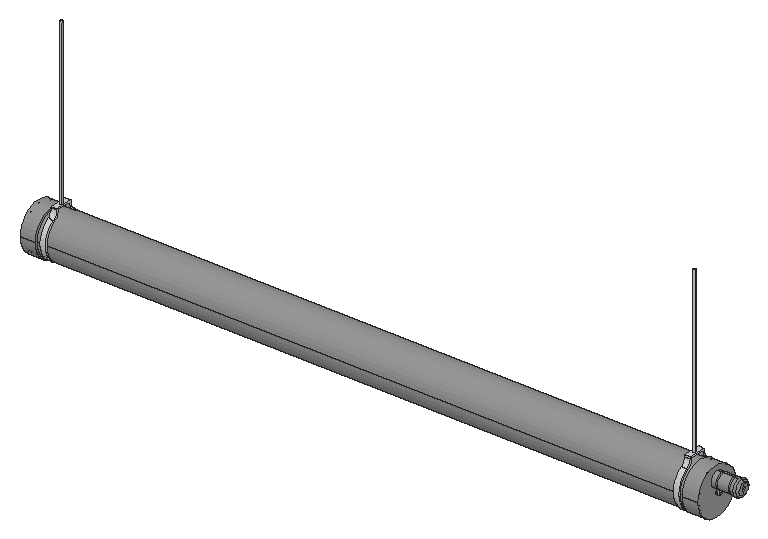
Revit family "63_UN_Lightline_Coreline Tubular WT210C PC_Signify", category Lighting Fixtures, Revit 2019
Family settings
  Round Connector Dimension = Use Diameter
  Part Type = Normal
  OmniClass Number = 23.80.70.11.14.11
  OmniClass Title = Downlights
  Work Plane-Based = No
  Always vertical = No
  Cut with Voids When Loaded = No
  Light Source = Yes
  Shared = No
  Room Calculation Point = Yes
Parameters (values of type "WT210C LED50S_840 PC PSU L1200")
  Wattage Comments = "39 W"
  Wattage = 33.6605 W
  built-in parameter 1150110 = 1 (stored number, unit not read)
  Voltage = 230 V
  URL = "https://www.signify.com/"
  Type Comments = "WT210PC"
  built-in parameter 1114217 = 1 (stored number, unit not read)
  Tilt Angle = 90.00°
  built-in parameter 1150109 = 1 (stored number, unit not read)
  built-in parameter 1150134 = 3
  Symbol_ToScale [instance] = not(Symbol_RealSize)  # no
  Symbol_RealSize [instance] = yes
  Switch Code [instance] = ""
  built-in parameter 1150113 = 1 (stored number, unit not read)
  Photometric Web File = "WT210C LED50S_840 PC PSU L1200.ies"
  Pendant_Visibility [instance] = yes
  Pendant Length [instance] = 300 mm
  Model = "Coreline Tubular Waterproof"
  Manufacturer = "Signify"
  built-in parameter 1150105 = 1485 (stored number, unit not read)
  Lumens = 5000 lm
  built-in parameter 1150115 = 1 (stored number, unit not read)
  Luminaire Code [instance] = ""
  built-in parameter 1150137 = (empty or 0)
  built-in parameter 1150139 = (empty or 0)
  Length = 1211 mm
  built-in parameter 1150112 = 1 (stored number, unit not read)
  built-in parameter 1150114 = 1 (stored number, unit not read)
  Lamp = "LED"
  built-in parameter 1150132 = 2
  built-in parameter 1150102 = (empty or 0)
  built-in parameter 1150107 = 3200 (stored number, unit not read)
  built-in parameter 1150138 = (empty or 0)
  built-in parameter 1150106 = 14.85 (stored number, unit not read)
  IfcExportType = "USERDEFINED"
  IfcExportAs = "IfcLightFixtureType"
  Emit from Line Length = Length - 55 mm  # 1156 mm
  built-in parameter 1150104 = 13.8 (stored number, unit not read)
  Dimming Lamp Color Temperature Shift = <None>
  Description = ""
  Content Creator® = "www.ivlibrary.com"
  Color Filter = 16777215
  Calc_Symbol Length [instance] = Length / 100  # 12.11 mm
  built-in parameter 1114218 = 1 (stored number, unit not read)
  built-in parameter 1150133 = 10 (stored number, unit not read)
  Assembly Code = "63.0"
  Apparent Load = 39 VA
Types (2, lengths in mm): name | Wattage Comments | Wattage | Photometric Web File | Pendant Length | built-in parameter 1150105 | Lumens | Length | built-in parameter 1150106 | Emit from Line Length | Calc_Symbol Length | Apparent Load
  WT210C LED50S_840 PC PSU L1200 | "39 W" | 33.6605 W | "WT210C LED50S_840 PC PSU L1200.ies" | 300 | 1485 (stored number, unit not read) | 5000 lm | 1211 | 14.85 (stored number, unit not read) | 1156 | 12.11 | 39 VA
  WT210C LED70S_840 PC PSU L1500 | "54 W" | 47.1247 W | "WT210C LED70S_840 PC PSU L1500.ies" | 500 | 2079 (stored number, unit not read) | 7000 lm | 1511 | 20.79 (stored number, unit not read) | 1456 | 15.11 | 54 VA
Reference planes
  plane 1 "Center (Front/Back)": y = 0
  plane 2: z = 0
  plane 3 "Center (Left/Right)": x = 0
  plane 4: x = -605.5
  plane 5: x = 605.5
  plane 6: x = -601.816
  plane 7: x = 601.816
  plane 8: z = 7.533
  plane 9: x = 565.836
  plane 10: x = -565.836
  plane 11: z = 8.071
  plane 12: z = 8.071
Forms (mm)
  Extrusion 1, solid, material "Rubber, Black", not visible
    sketch origin (0, 0, 0) x (1, 0, 0) y (0, 0, 1)
      loop
        circle (-95.631, 17.451) r 4
    from -11.289 to 11.289
  Extrusion 2, solid, material "Rubber, Black", not visible
    sketch origin (0, 0, 0) x (1, 0, 0) y (0, 0, 1)
      loop
        line (-94.541, 20.002) -> (-93.288, 17.83) -> (-57.486, 41.681)
        arc (-57.486, 41.681) -> (-58.423, 42.539) -> (-59.099, 43.614) r 4.746
        line (-59.099, 43.614) -> (-94.541, 20.002)
    from -3.701 to 3.701
  Extrusion 3, solid, material "Rubber, Black", not visible
    sketch origin (-0.69, 0, 5.578) x (1, 0, 0) y (0, 0, 1)
      loop
        circle (-55.099, 40.241) r 5.867
    from -16.052 to 16.052
  Extrusion 4, solid, material "Rubber, Black", not visible
    sketch origin (0, 0, 0) x (1, 0, 0) y (0, 1, 0)
      loop
        line (-52.807, -24.624) -> (-49.853, -24.624)
        arc (-49.853, -24.624) -> (-55.312, 0) -> (-49.853, 24.624) r 58.266
        line (-49.853, 24.624) -> (-52.807, 24.624)
        arc (-52.807, 24.624) -> (-58.266, 0) -> (-52.807, -24.624) r 58.266
    from 13.814 to 40.354
  Extrusion 5, void, not visible
    sketch origin (0, 0, 0) x (0, 1, 0) y (0, 0, 1)
      loop
        line (15.033, 40.354) -> (15.033, 39.033)
        spline (15.033, 39.033) -> (15.124, 35.812) -> (15.389, 32.661) -> (15.814, 29.621) -> (16.385, 26.73) -> (17.09, 24.03) -> (17.915, 21.559) -> (18.845, 19.359) -> (19.869, 17.47) -> (20.972, 15.93) -> (22.141, 14.781) -> (23.363, 14.062) -> (24.624, 13.814)
        line (24.624, 13.814) -> (24.624, 40.354) -> (15.033, 40.354)
    from -60.672 to -49.853
  Extrusion 6, void, not visible
    sketch origin (0, 0, 0) x (0, -1, 0) y (0, 0, -1)
      loop
        line (15.033, -40.354) -> (24.624, -40.354) -> (24.624, -13.814)
        spline (24.624, -13.814) -> (23.363, -14.062) -> (22.141, -14.781) -> (20.972, -15.93) -> (19.869, -17.47) -> (18.845, -19.359) -> (17.915, -21.559) -> (17.09, -24.03) -> (16.385, -26.73) -> (15.814, -29.621) -> (15.389, -32.661) -> (15.124, -35.812) -> (15.033, -39.033)
        line (15.033, -39.033) -> (15.033, -40.354)
    from -60.672 to -49.853
  Extrusion 7, solid, material "Glass, White, High Luminance"
    sketch origin (0, 0, 4.297) x (0, 1, 0) y (0, 0, 1)
      loop
        circle (0, -45.76) r 38.822
    from -601.816 to 601.816
  Extrusion 8, solid, not visible
    sketch origin (-238.013, -968.793, -1208.338) x (0, 1, 0) y (0, 0, 1)
      loop
        circle (968.793, 1162.578) r 41.455
    from 966.188 to 993.513
  Extrusion 9, void, not visible
    sketch origin (0, -968.793, -1208.338) x (0, 1, 0) y (0, 0, 1)
      loop
        circle (968.793, 1162.578) r 38.822
    from 728.176 to 751.816
  Revolve 10, solid, material "Rubber, Black"
    sketch origin (534.536, 0, 73.763) x (0, 0, -1) y (1, 0, 0)
      loop
        line (81.337, 70.964) -> (94.619, 70.964) -> (94.619, 115.251) -> (89.877, 115.251) -> (89.877, 119.174) -> (84.754, 119.174)
        arc (84.754, 119.174) -> (82.306, 117.776) -> (81.337, 115.129) r 4.103
        arc (81.337, 115.129) -> (79.645, 113.436) -> (81.337, 111.744) r 1.692
        line (81.337, 111.744) -> (81.337, 105.897)
        arc (81.337, 105.897) -> (82.795, 104.44) -> (81.337, 102.982) r 1.457
        line (81.337, 102.982) -> (81.337, 83.533)
        arc (81.337, 83.533) -> (82.795, 82.075) -> (81.337, 80.618) r 1.457
        line (81.337, 80.618) -> (81.337, 70.964)
      axis (94.619, 119.174) -> (94.619, 70.964)
    angle from 0 to 360
  Revolve 11, solid, material "Rubber, Black", not visible
    sketch origin (707.696, 241.092, 74.098) x (0, 0, -1) y (1, 0, 0)
      loop
        line (81.337, 70.964) -> (94.619, 70.964) -> (94.619, 115.251) -> (89.877, 115.251) -> (89.877, 119.174) -> (84.754, 119.174)
        arc (84.754, 119.174) -> (82.306, 117.776) -> (81.337, 115.129) r 4.103
        arc (81.337, 115.129) -> (79.645, 113.436) -> (81.337, 111.744) r 1.692
        line (81.337, 111.744) -> (81.337, 105.897)
        arc (81.337, 105.897) -> (82.795, 104.44) -> (81.337, 102.982) r 1.457
        line (81.337, 102.982) -> (81.337, 83.533)
        arc (81.337, 83.533) -> (82.795, 82.075) -> (81.337, 80.618) r 1.457
        line (81.337, 80.618) -> (81.337, 70.964)
      axis (94.619, 119.174) -> (94.619, 70.964)
    angle from 0 to 360
  Revolve 12, solid
    sketch origin (0, 0, 4.297) x (1, 0, 0) y (0, 0, 1)
      loop
        line (605.5, -45.76) -> (611.251, -45.76) -> (611.251, -43.81) -> (612.846, -43.81) -> (612.846, -42.996) -> (608.226, -42.996) -> (608.226, -42.199) -> (605.5, -42.199) -> (605.5, -45.76)
      axis (605.5, -45.76) -> (612.846, -45.76)
    angle from 0 to 360
  Sweep 13, solid, visible <- "Pendant_Visibility", not visible
    path origin (-565.836, 0, 0) x (0, -1, 0) y (0, 0, 1)
      loop
        arc (0.803, -80.277) -> (37.294, -52.247) -> (21.395, -9.068) r 38.822
        arc (21.395, -9.068) -> (15.738, -2.877) -> (13.689, 5.256) r 17.165
        line (13.689, 5.256) -> (13.689, 6.532) -> (0, 6.532) -> (-13.689, 6.532) -> (-13.689, 5.256)
        arc (-13.689, 5.256) -> (-15.738, -2.877) -> (-21.395, -9.068) r 17.165
        arc (-21.395, -9.068) -> (-37.063, -53.016) -> (0.803, -80.277) r 38.822
    profile origin (-565.836, 37.063, -53.016) x (0, 0.95469, -0.297604) y (-1, 0, 0)
      loop
        line (0, -560.84) -> (0, -1121.679) -> (1.539, -1121.679) -> (1.539, -560.84) -> (0, -560.84)
  Sweep 14, solid, visible <- "Pendant_Visibility"
    path origin (565.836, 0, 0) x (0, 1, 0) y (0, 0, 1)
      loop
        arc (-0.803, -80.277) -> (37.063, -53.016) -> (21.395, -9.068) r 38.822
        arc (21.395, -9.068) -> (15.738, -2.877) -> (13.689, 5.256) r 17.165
        line (13.689, 5.256) -> (13.689, 6.532) -> (0, 6.532) -> (-13.689, 6.532) -> (-13.689, 5.256)
        arc (-13.689, 5.256) -> (-15.738, -2.877) -> (-21.395, -9.068) r 17.165
        arc (-21.395, -9.068) -> (-37.294, -52.247) -> (-0.803, -80.277) r 38.822
    profile origin (565.836, 37.063, -53.016) x (0, -0.95469, 0.297604) y (1, 0, 0)
      loop
        line (0, -4.996) -> (0, 4.996) -> (-1.539, 4.996) -> (-1.539, -4.996) -> (0, -4.996)
  Extrusion 15, solid, visible <- "Pendant_Visibility"
    sketch origin (715.836, 0, -200) x (1, 0, 0) y (0, 1, 0)
      loop
        circle (-150, 0) r 2.007
    from 208.071 to 500
  Sweep 16, solid, visible <- "Pendant_Visibility"
    path origin (-565.836, 0, 0) x (0, -1, 0) y (0, 0, 1)
      loop
        arc (0.803, -80.277) -> (37.294, -52.247) -> (21.395, -9.068) r 38.822
        arc (21.395, -9.068) -> (15.738, -2.877) -> (13.689, 5.256) r 17.165
        line (13.689, 5.256) -> (13.689, 6.532) -> (0, 6.532) -> (-13.689, 6.532) -> (-13.689, 5.256)
        arc (-13.689, 5.256) -> (-15.738, -2.877) -> (-21.395, -9.068) r 17.165
        arc (-21.395, -9.068) -> (-37.063, -53.016) -> (0.803, -80.277) r 38.822
    profile origin (-565.836, 37.063, -53.016) x (0, 0.95469, -0.297604) y (-1, 0, 0)
      loop
        line (0, -4.996) -> (1.539, -4.996) -> (1.539, 4.996) -> (0, 4.996) -> (0, -4.996)
  Extrusion 17, solid, visible <- "Pendant_Visibility"
    sketch origin (-690.836, 0, 0) x (-1, 0, 0) y (0, -1, 0)
      loop
        circle (-125, 0) r 2.007
    from 8.071 to 300
  Extrusion 18, solid, not visible
    sketch origin (715.836, 0, 0) x (1, 0, 0) y (0, 1, 0)
      loop
        circle (0, 0) r 2.007
    from 8.071 to 500
Lines and regions (mm)
  symbolic lines, visible <- "Symbol_RealSize"
    curve 1: circle (0, 0, 0) r 120 normal (0, 0, 1)
    curve 2: line (-113.544, 38.829, 0) -> (-605.5, 38.829, 0)
    curve 3: line (-605.5, 38.829, 0) -> (-605.5, -38.829, 0)
    curve 4: line (-113.544, -38.829, 0) -> (-605.5, -38.829, 0)
    curve 5: line (113.544, 38.829, 0) -> (605.5, 38.829, 0)
    curve 6: line (605.5, 38.829, 0) -> (605.5, -38.829, 0)
    curve 7: line (113.544, -38.829, 0) -> (605.5, -38.829, 0)
  model lines, not visible
    curve 8: line (0, 0, 6.532) -> (0, 0, 3.597)
    curve 9: line (565.836, 0, 6.532) -> (565.836, 0, 3.597)
    curve 10: line (-565.836, 0, 6.532) -> (-565.836, 0, 3.597)
    curve 11: line (565.836, 0, 300) -> (565.836, 0, 295)
    curve 12: line (715.836, 0, 8.071) -> (715.836, 0, 13.071)
Dimensions and locks
  equal spacing: plane 4, plane 3 "Center (Left/Right)", plane 5
  "Length": plane 4 to plane 5
  locked: plane 6 to plane 4 at 3.684
  locked: plane 7 to plane 5 at 3.684
  locked: Revolve 10 to Revolve 10 at 48.21
  locked: Revolve 12 to Revolve 12 at 7.346
  locked: plane 8 to level at 7.533
  equal spacing: Sweep 13 sketch curve, Sweep 13 sketch curve, profile plane
  equal spacing: Sweep 14 sketch curve, profile plane, Sweep 14 sketch curve
  locked: plane 9 to plane 5 at 39.664
  "Pendant Length": Extrusion 15 to plane 2
  equal spacing: Sweep 16 sketch curve, profile plane, Sweep 16 sketch curve
  locked: plane 10 to plane 4 at 39.664
  "Pendant Length": Extrusion 17 to plane 2
  locked: plane 11 to plane 2 at 8.071
  locked: plane 12 to plane 2 at 8.071
  aligned and locked: level to plane 2
  aligned and locked: plane 5 to nested 2
  aligned and locked: nested 1 to plane 4
  aligned and locked: nested 1 to plane 6
  aligned and locked: Extrusion 7 to plane 6
  aligned and locked: Extrusion 7 to plane 7
  aligned and locked: plane 5 to Revolve 10
  aligned and locked: plane 5 to Revolve 12
  aligned and locked: plane 5 to curve 6
  aligned and locked: curve 3 to plane 4
  aligned and locked: plane 9 to curve 9
  aligned and locked: curve 10 to plane 10
  aligned and locked: plane 9 to Extrusion 15 sketch curve
  aligned and locked: plane 10 to Extrusion 17 sketch curve
  aligned and locked: Extrusion 15 to plane 11
  aligned and locked: plane 12 to Extrusion 17
Automatic sketch dimensions
  Extrusion 7 sketch curve to plane 1 "Center (Front/Back)" = 0 mm
  Extrusion 7 sketch curve to level = 41.463 mm
  Revolve 10 sketch curve to Revolve 10 sketch curve = 3.417 mm
  Revolve 10 sketch curve to Revolve 10 sketch curve = 0.686 mm
  Revolve 10 sketch curve to Revolve 10 sketch curve = 4.436 mm
  Revolve 10 sketch curve to Revolve 10 sketch curve = 4.742 mm
  Revolve 10 sketch curve to Revolve 10 sketch curve = 9.654 mm
  Revolve 10 sketch curve to Revolve 10 sketch curve = 1.457 mm  (x2)
  Revolve 10 sketch curve to Revolve 10 sketch curve = 19.449 mm
  Revolve 10 sketch curve to Revolve 10 sketch curve = 7.539 mm
  Revolve 10 sketch curve to Revolve 10 sketch curve = 1.692 mm
  Revolve 10 sketch curve to Revolve 10 sketch curve = 0.122 mm
  Revolve 10 sketch curve to Revolve 10 sketch curve = 13.281 mm
  Revolve 10 sketch curve to Revolve 10 sketch curve = 3.04 mm
  Revolve 10 sketch curve to Revolve 10 sketch curve = 5.468 mm
  Revolve 11 sketch curve to Revolve 11 sketch curve = 3.417 mm
  Revolve 11 sketch curve to Revolve 11 sketch curve = 0.686 mm
  Revolve 11 sketch curve to Revolve 11 sketch curve = 4.436 mm
  Revolve 11 sketch curve to Revolve 11 sketch curve = 4.742 mm
  Revolve 11 sketch curve to Revolve 11 sketch curve = 9.654 mm
  Revolve 11 sketch curve to Revolve 11 sketch curve = 1.457 mm  (x2)
  Revolve 11 sketch curve to Revolve 11 sketch curve = 19.449 mm
  Revolve 11 sketch curve to Revolve 11 sketch curve = 7.539 mm
  Revolve 11 sketch curve to Revolve 11 sketch curve = 1.692 mm
  Revolve 11 sketch curve to Revolve 11 sketch curve = 0.122 mm
  Revolve 11 sketch curve to Revolve 11 sketch curve = 13.281 mm
  Revolve 11 sketch curve to Revolve 11 sketch curve = 3.04 mm
  Revolve 11 sketch curve to Revolve 11 sketch curve = 5.468 mm
  plane 1 "Center (Front/Back)" to curve 1 = 0 mm
  curve 1 to plane 3 "Center (Left/Right)" = 0 mm
  plane 1 "Center (Front/Back)" to curve 3 = 38.829 mm
  plane 1 "Center (Front/Back)" to curve 7 = 38.829 mm
  curve 5 to plane 1 "Center (Front/Back)" = 38.829 mm
  curve 2 to plane 1 "Center (Front/Back)" = 38.829 mm
  curve 2 to plane 3 "Center (Left/Right)" = 113.544 mm
  Sweep 13 sketch curve to Sweep 13 sketch curve = 0 mm  (x7)
  Sweep 13 sketch curve to Sweep 13 sketch curve = 13.689 mm  (x2)
  Sweep 13 sketch curve to Sweep 13 sketch curve = 17.165 mm  (x2)
  Sweep 13 sketch curve to Sweep 13 sketch curve = 1.277 mm
  Sweep 13 sketch curve to Sweep 13 sketch curve = 46.719 mm
  Sweep 13 sketch curve to Sweep 13 sketch curve = 0.803 mm
  Sweep 14 sketch curve to Sweep 14 sketch curve = 0 mm  (x7)
  Sweep 14 sketch curve to Sweep 14 sketch curve = 13.689 mm  (x2)
  Sweep 14 sketch curve to Sweep 14 sketch curve = 17.165 mm  (x2)
  Sweep 14 sketch curve to Sweep 14 sketch curve = 1.277 mm
  Sweep 14 sketch curve to Sweep 14 sketch curve = 46.719 mm
  Sweep 14 sketch curve to Sweep 14 sketch curve = 0.803 mm
  Sweep 16 sketch curve to Sweep 16 sketch curve = 0 mm  (x7)
  Sweep 16 sketch curve to Sweep 16 sketch curve = 13.689 mm  (x2)
  Sweep 16 sketch curve to Sweep 16 sketch curve = 17.165 mm  (x2)
  Sweep 16 sketch curve to Sweep 16 sketch curve = 1.277 mm
  Sweep 16 sketch curve to Sweep 16 sketch curve = 46.719 mm
  Sweep 16 sketch curve to Sweep 16 sketch curve = 0.803 mm
  Sweep 14 sketch curve to profile plane = 0 mm
  Sweep 14 sketch curve to Sweep 14 sketch curve = 1.539 mm
  Sweep 14 sketch curve to profile plane = 4.996 mm
  Sweep 13 sketch curve to profile plane = 0 mm
  Sweep 13 sketch curve to Sweep 13 sketch curve = 1.539 mm
  Sweep 13 sketch curve to profile plane = 560.84 mm
  Sweep 16 sketch curve to profile plane = 0 mm
  Sweep 16 sketch curve to Sweep 16 sketch curve = 1.539 mm
  Sweep 16 sketch curve to profile plane = 4.996 mm
  plane 1 "Center (Front/Back)" to Extrusion 17 sketch curve = 0 mm
  curve 11 to plane 9 = 0 mm
  curve 11 to curve 11 = 5 mm
  plane 8 to curve 11 = 287.467 mm
  plane 1 "Center (Front/Back)" to Extrusion 15 sketch curve = 0 mm
  plane 5 to Revolve 12 sketch curve = 0 mm  (x2)
  Revolve 12 sketch curve to plane 5 = 2.726 mm
  Revolve 12 sketch curve to Revolve 12 sketch curve = 3.026 mm
  Revolve 12 sketch curve to Revolve 12 sketch curve = 1.594 mm
  Revolve 12 sketch curve to level = 41.463 mm
  Revolve 12 sketch curve to Revolve 12 sketch curve = 1.949 mm
  Revolve 12 sketch curve to Revolve 12 sketch curve = 0.814 mm
  Revolve 12 sketch curve to Revolve 12 sketch curve = 0.797 mm
  Revolve 12 sketch curve to Revolve 12 sketch curve = 7.654 mm
  Revolve 12 sketch curve to Revolve 12 sketch curve = 0 mm
  radius of Extrusion 7 sketch curve = 38.822 mm
  radius of Extrusion 15 sketch curve = 2.007 mm
  radius of Extrusion 17 sketch curve = 2.007 mm
  radius of Extrusion 18 sketch curve = 2.007 mm
Nested families
  nested 1: "Cap" at (-591.838, 0, 4.297) x (-1, 0, 0) z (0, 0, 1), type "Cap"
    with CAP Material Aluminum 5005
  nested 2: "Cap" at (591.838, 0, 4.297), type "Cap"
    with CAP Material Aluminum 5005
  nested 3: "LightLine Symbol_Signify" at (0, 0, 0), Symbol_Length <- "Calc_Symbol Length", visible <- "Symbol_ToScale", type "Lighting Fixture"
    with Symbol_Width 0.8 mm, Symbol_Length 12.11 mm
Connectors
  electrical at (649.787, 0, -20.856), driven by "Voltage", driven by "Apparent Load"
    settings: on Revolve 10, index 2, voltage 230 V, apparent load 0 VA, apparent load phase1 39 VA, apparent load phase2 0 VA, apparent load phase3 0 VA, power factor 1, load classification "Other", number of poles 1, system type 31, power factor state 1, is connector primary yes, connector utility no, sub classification motor no, connector description ""
Definition of nested family "Cap"
  Parameters (values of type "Cap")
    CAP Material [instance] = none
  Reference planes
    plane 1: y = 0
    plane 2: z = 0
    plane 3: x = 0
  Forms (mm)
    Extrusion 1, solid, material <- "CAP Material"
      sketch origin (-979.85, -968.793, -1208.338) x (0, 1, 0) y (0, 0, 1)
        loop
          circle (968.793, 1162.578) r 41.455
      from 966.188 to 993.513
    Extrusion 2, void
      sketch origin (-741.838, -968.793, -1208.338) x (0, 1, 0) y (0, 0, 1)
        loop
          circle (968.793, 1162.578) r 38.822
      from 728.176 to 751.816
  Cuts and joins
    Extrusion 2 cuts Extrusion 1
Definition of nested family "LightLine Symbol_Signify"
  Parameters (values of type "Lighting Fixture")
    Waterproof = no
    Symbol_Width [instance] = 1 mm
    Symbol_Length [instance] = 12.2 mm
    Lighting Fixture = yes
    Emergency Lighting = no
  Types (3, lengths in mm): name | Waterproof | Symbol_Width | Symbol_Length | Emergency Lighting
    Lighting Fixture | no | 1 | 12.2 | no
    Lighting Fixture Round - Emergency Lighting | no | 0.6 | 10.36 | yes
    Lighting Fixture Round - Waterproof | yes | 0.6 | 10.36 | no
  Reference planes
    plane 1: y = 0
    plane 2: x = 0
  Lines and regions (mm)
    Filled region 1, type "Emergency Lighting", visible <- "Waterproof"
      outline origin (5.15, 1.04, 0) x (1, 0, 0) y (0, 1, 0)
        loop
          arc (-6.485, -1.34) -> (-5.15, -2.408) -> (-3.815, -1.34) r 1.368
          line (-3.815, -1.34) -> (-6.485, -1.34)
    Filled region 2, type "Emergency Lighting", visible <- "Emergency Lighting"
      outline origin (5.15, 1.04, 0) x (1, 0, 0) y (0, 1, 0)
        loop
          line (-5.15, -1.04) -> (-6.117, -0.073)
          arc (-6.117, -0.073) -> (-6.518, -1.04) -> (-6.117, -2.008) r 1.368
          line (-6.117, -2.008) -> (-5.15, -1.04)
    Filled region 3, type "Emergency Lighting", visible <- "Emergency Lighting"
      outline origin (-5.15, 1.04, 0) x (0, 1, 0) y (-1, 0, 0)
        loop
          line (-1.04, -5.15) -> (-2.008, -6.117)
          arc (-2.008, -6.117) -> (-1.04, -6.518) -> (-0.073, -6.117) r 1.368
          line (-0.073, -6.117) -> (-1.04, -5.15)
    detail lines, visible <- "Lighting Fixture"
      curve 1: circle (0, 0, 0) r 1.368 normal (0, 0, 1)
    detail lines, not visible
      curve 2: line (1.335, -0.3, 0) -> (-1.335, -0.3, 0)
    detail lines, visible <- "Waterproof"
      curve 3: circle (0, 0, 0) r 1.368 normal (0, 0, 1)
    detail lines, visible <- "Emergency Lighting"
      curve 4: circle (0, 0, 0) r 1.368 normal (0, 0, 1)
    detail lines
      curve 5: line (1.273, 0.5, 0) -> (6.1, 0.5, 0)
      curve 6: line (1.273, -0.5, 0) -> (6.1, -0.5, 0)
      curve 7: line (6.1, -0.5, 0) -> (6.1, 0.5, 0)
      curve 8: line (-1.273, 0.5, 0) -> (-6.1, 0.5, 0)
      curve 9: line (-1.273, -0.5, 0) -> (-6.1, -0.5, 0)
      curve 10: line (-6.1, -0.5, 0) -> (-6.1, 0.5, 0)
  Dimensions and locks
    equal spacing: curve 8, plane 1, curve 9
    equal spacing: curve 6, plane 1, curve 5
    equal spacing: curve 10, plane 2, curve 7
    "Symbol_Length": curve 10 to curve 7
    "Symbol_Width": curve 8 to curve 9
    "Symbol_Width": curve 6 to curve 5
  Automatic sketch dimensions
    plane 1 to Filled region 2 sketch curve = 0 mm  (x2)
    Filled region 2 sketch curve to plane 2 = 0 mm  (x2)
    Filled region 2 sketch curve to plane 2 = 0.967 mm  (x2)
    plane 1 to Filled region 3 sketch curve = 0 mm  (x2)
    Filled region 3 sketch curve to plane 2 = 0 mm  (x2)
    plane 1 to Filled region 3 sketch curve = 0.967 mm
    Filled region 3 sketch curve to plane 1 = 0.967 mm
    plane 1 to Filled region 1 sketch curve = 0 mm
    Filled region 1 sketch curve to plane 2 = 0 mm
    plane 1 to Filled region 1 sketch curve = 0.3 mm
    plane 2 to Filled region 1 sketch curve = 1.335 mm
    curve 1 to curve 3 = 0 mm  (x2)
    curve 1 to curve 4 = 0 mm  (x2)
    curve 3 to curve 4 = 0 mm  (x2)
    plane 1 to curve 1 = 0 mm
    curve 1 to plane 2 = 0 mm
    plane 1 to curve 2 = 0.3 mm
    curve 2 to plane 2 = 1.335 mm
    radius of curve 3 = 1.368 mm
    radius of curve 4 = 1.368 mm
